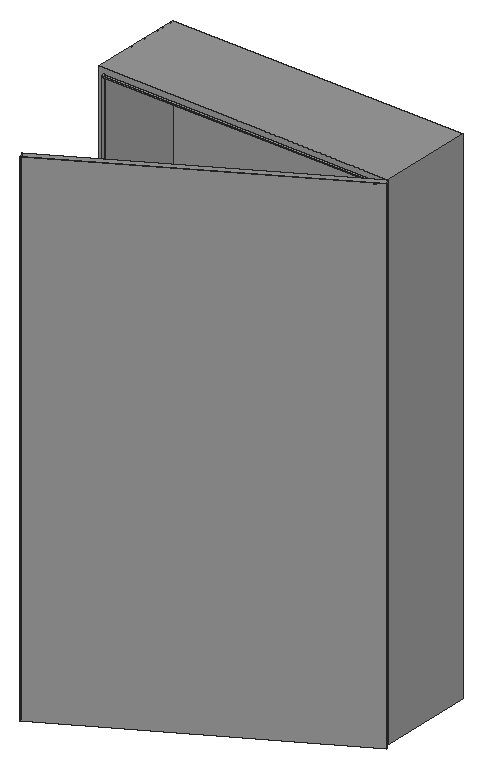
Revit family "Hager-Univers-IP55-D275-H1400-Cl.I-Steel_encl-NoHosted-PT-pt", category Electrical Equipment, Revit 2020
Family settings
  Panel Configuration = Two Columns, Circuits Across
  Round Connector Dimension = Use Diameter
  Part Type = Panelboard
  Work Plane-Based = Yes
  Always vertical = Yes
  Cut with Voids When Loaded = No
  Shared = No
  Room Calculation Point = No
Parameters (values of type "Montagem em superfície (gesso) IP55 L800 A1400 P275  - FR93E")
  Width Control [instance] = if([EF000008 - Largura] > Min Width, [EF000008 - Largura], Min Width)  # 800 mm
  Type Comments = [HG000003 - Gama]  # "Univers"
  Thickness Door [instance] = if([EF009171 - Espessura do material da porta/tampa] > 3 mm, 3 mm, [EF009171 - Espessura do material da porta/tampa])  # 1.5 mm
  Seal Frame Offset [instance] = 17 mm  # constant formula
  Plinth Visibility [instance] = [HG000027 - Altura da Plinta] > 0 mm  # no
  Min Width [instance] = 100 mm  # constant formula
  Min Depth [instance] = (2 * [EF009170 - Espessura do material do invólucro]) + 1 mm  # 4 mm
  Min Height [instance] = 100 mm  # constant formula
  Internal Frame Depth [instance] = (Door System Depth * 0.5)  # 9 mm
  Panel Name [instance] = ""  # (empty or 0)
  Model = ""
  HG000027 - Altura da Plinta = 0 mm
  HG000026 - Instalação no chão = no
  HG000024 - Altura da secção inferior = 600 mm
  HG000023 - Recinto de secção dupla = no
  HG000016 - Visibilidade da porta 3D [instance] = yes
  HG000015 - Visibilidade através da porta [instance] = no
  HG000014 - Porta à direita [instance] = yes
  HG000013 - Porta à esquerda [instance] = not([HG000014 - Porta à direita])  # no
  HG000012 - Ângulo de abertura de porta [instance] = 30.00°
  HG000010 - Portas assimétricas = no
  HG000009 - Porta dupla = no
  HG000006 - Encastrado = no
  HG000004 - Referência do Fabricante = "FR93E"
  HG000003 - Gama = "Univers"
  HG000002 - Com porta ou tampa = yes
  Frame Offset Bottom [instance] = 10 mm  # constant formula
  Frame Offset [instance] = 15 mm  # constant formula
  EF015940 - Tampa com libertação de sobrepressão = no
  EF011959 - Grau de proteção (NEMA) = ""
  EF009554 - Número de aberturas para placas de flange = 6
  EF009212 - Tipo de tampa = "EV000116 - Fechado"
  EF009171 - Espessura do material da porta/tampa = 1.5 mm
  EF009170 - Espessura do material do invólucro = 1.5 mm
  EF008873 - Corrente nominal (In) = 800 A
  EF007800 - Adequado para proteção contra raios = no
  EF006306 - Com fecho = no
  EF006244 - Tampa/porta transparente = no
  EF005474 - Grau de proteção (IP) = "EV006420 - IP55"
  EF004464 - Tipo de porta = "EV002646 - Único"
  EF004427 - Número de módulos = 324
  EF004293 - Força de impacto = "EV008784 - IK10"
  EF003532 - Adequado para uso no exterior = no
  EF002950 - Largura em número de módulos = 24
  EF001613 - Integridade do circuito = "EV000494 - Nenhum"
  EF001596 - Material do corpo = "EV000179 - Aço"
  EF001131 - Profundidade interior = 275 mm
  EF001088 - Extensão possível = yes
  EF000437 - Número de entradas de condutores = 6
  EF000339 - Tipo de difusor = "EV004216 - Porta"
  EF000266 - Número de linhas = 9
  EF000218 - Profundidade incorporada = 0 mm
  EF000118 - Com tampa de montagem = no
  EF000116 - Número RAL = "7035"
  EF000049 - Profundidade = 275 mm
  EF000040 - Altura = 1400 mm
  EF000008 - Largura = 800 mm
  EF000007 - Cor = "EV000270 - Cinzento"
  EF000003 - Método de montagem = "EV000384 - Montagem em superfície (gesso)"
  Door System Leaf Tolerance [instance] = 1.5 mm  # constant formula
  Door System Depth [instance] = 18 mm  # constant formula
  Door Height [instance] = Height Control - [HG000027 - Altura da Plinta]  # 1400 mm
  Description = ""
  Default Elevation = 1219.2 mm
  Connector Offset [instance] = Height Control / 2  # 700 mm
  Manufacturer = "Hager"  # constant formula
  Height Control [instance] = if([EF000040 - Altura] > Min Height, [EF000040 - Altura], Min Height)  # 1400 mm
  Depth Control [instance] = if([EF000049 - Profundidade] > Min Depth, [EF000049 - Profundidade], Min Depth)  # 275 mm
  Bottom Top Plate Trim [instance] = 1.5 mm  # constant formula
  Plinth height Ctrl [instance] = if([HG000027 - Altura da Plinta] > 0 mm, [HG000027 - Altura da Plinta], 12 mm)  # 12 mm
Types (3, lengths in mm): name | Width Control | HG000009 - Porta dupla | HG000004 - Referência do Fabricante | EF009554 - Número de aberturas para placas de flange | EF004464 - Tipo de porta | EF004427 - Número de módulos | EF000437 - Número de entradas de condutores | EF000008 - Largura
  Montagem em superfície (gesso) IP55 L1050 A1400 P275  - FR94E | 1050 | yes | "FR94E" | 8 | "EV003602 - Duplo" | 432 | 8 | 1050
  Montagem em superfície (gesso) IP55 L550 A1400 P275  - FR92E | 550 | no | "FR92E" | 4 | "EV002646 - Único" | 216 | 4 | 550
  Montagem em superfície (gesso) IP55 L800 A1400 P275  - FR93E | 800 | no | "FR93E" | 6 | "EV002646 - Único" | 324 | 6 | 800
Reference planes
  plane 1 "Center (Front/Back)": y = 0
  plane 2: z = 0
  plane 3 "Center (Left/Right)": x = 0
  plane 4: y = 0
  plane 5: y = 0
  plane 6: z = 0
  plane 7: x = -400
  plane 8: x = 400
  plane 9: x = 398.5
  plane 10: x = -398.5
  plane 11: z = 0
  plane 12: z = 1.5
  plane 13: y = -275
  plane 14: y = -1.5
  plane 15: x = 0
  plane 16: y = -257
  plane 17: y = -273.5
  plane 18: y = -255.5
  plane 19: x = -383.5
  plane 20: x = 383.5
  plane 21: z = 11.5
  plane 22: x = -383
  plane 23: x = 383
  plane 24: z = 0
  plane 25: z = 1400
  plane 26: z = 1400
  plane 27: z = 1383.5
  plane 28: z = 1398.5
Forms (mm)
  Extrusion 1, solid, material "Hager_Steel_RAL7035_Light_Grey", detail levels medium+fine
    sketch origin (-208.679, -4572, 0) x (-1, 0, 0) y (0, -1, 0)
      loop
        line (191.321, -4315) -> (-608.679, -4315) -> (-608.679, -4572) -> (191.321, -4572) -> (191.321, -4315)
    from 0 to 1400
  Extrusion 2, void
    sketch origin (-350.771, -275, 1219.2) x (1, 0, 0) y (0, 0, 1)
      loop
        line (-47.729, 179.3) -> (-47.729, -1217.7) -> (749.271, -1217.7) -> (749.271, 179.3) -> (-47.729, 179.3)
    from -19.5 to -273.5
  Extrusion 3, void
    sketch origin (-290.084, -257, 1219.2) x (1, 0, 0) y (0, 0, 1)
      loop
        line (-93.416, -1207.7) -> (673.584, -1207.7) -> (673.584, 164.3) -> (-93.416, 164.3) -> (-93.416, -1207.7)
    from 0 to -1.5
  Extrusion 4, solid, material "Hager_Steel_RAL7035_Light_Grey", visible <- "Plinth Visibility", detail levels medium+fine
    sketch origin (0, 0, 0) x (1, 0, 0) y (0, 1, 0)
      loop
        line (-400, 0) -> (-400, -257) -> (400, -257) -> (400, 0) -> (-400, 0)
    from 0 to 12 <- "Plinth height Ctrl"
  Extrusion 5, solid, material "Hager_Steel_RAL7035_Light_Grey", detail levels coarse
    sketch origin (0, 0, 0) x (1, 0, 0) y (0, 1, 0)
      loop
        line (-400, 0) -> (-400, -275) -> (400, -275) -> (400, 0) -> (-400, 0)
    from 0 to 1400 <- "Height Control"
  Sweep 6, void
    path in 3D
      loop
        line (-400, -257, 12) -> (400, -257, 12) -> (400, 0, 12) -> (-400, 0, 12) -> (-400, -257, 12)
    profile origin (-400, -128.5, 12) x (1, 0, 0) y (0, 0, 1)
      loop
        line (0, 0) -> (0, -1.5) -> (1.5, -1.5)
        arc (1.5, -1.5) -> (1.061, -0.439) -> (0, 0) r 1.5
  Extrusion 7, solid, material "Hager_Steel_RAL7035_Light_Grey", detail levels fine
    sketch origin (-400, -257, 0) x (1, 0, 0) y (0, 0, 1)
      loop
        line (16.5, 11.5) -> (783.5, 11.5) -> (783.5, 1383.5) -> (16.5, 1383.5) -> (16.5, 11.5)
      loop
        line (15, 10) -> (785, 10) -> (785, 1385) -> (15, 1385) -> (15, 10)
    from 0 to 9 <- "Internal Frame Depth"
Cuts and joins
  Extrusion 2, Extrusion 3 cuts Extrusion 1
  Sweep 6 cuts Extrusion 4
Lines and regions (mm)
  Masking region 1
    outline origin (0, 0, 0) x (1, 0, 0) y (0, 1, 0)
      loop
        line (-400, 0) -> (-400, -275) -> (400, -275) -> (400, 0) -> (-400, 0)
  Masking region 2, detail levels coarse
    outline origin (-290.084, -257, 1219.2) x (-1, 0, 0) y (0, 0, 1)
      loop
        line (-690.084, -1219.2) -> (109.916, -1219.2) -> (109.916, 180.8) -> (-690.084, 180.8) -> (-690.084, -1219.2)
  Masking region 3, detail levels coarse
    outline origin (0, 0, 0) x (0, 1, 0) y (0, 0, 1)
      loop
        line (0, 0) -> (0, 1400) -> (-275, 1400) -> (-275, 0) -> (0, 0)
  Masking region 4, visible <- "Plinth Visibility", detail levels medium+fine
    outline origin (0, 0, 0) x (0, 1, 0) y (0, 0, 1)
      loop
        line (-1.5, 12) -> (-255.5, 12)
        arc (-255.5, 12) -> (-255.939, 10.939) -> (-257, 10.5) r 1.5
        line (-257, 10.5) -> (-257, 0) -> (0, 0) -> (0, 10.5)
        arc (0, 10.5) -> (-1.061, 10.939) -> (-1.5, 12) r 1.5
  Masking region 5, detail levels medium+fine
    outline origin (0, 0, 594.038) x (0, 1, 0) y (0, 0, 1)
      loop
        line (0, -594.038) -> (0, 805.962) -> (-257, 805.962) -> (-257, -594.038) -> (0, -594.038)
  Masking region 6, detail levels medium+fine
    outline origin (-359.7, -257, 1211.883) x (-1, 0, 0) y (0, 0, 1)
      loop
        line (-759.7, -1211.883) -> (40.3, -1211.883) -> (40.3, 188.117) -> (-759.7, 188.117) -> (-759.7, -1211.883)
  Masking region 7, visible <- "Plinth Visibility", detail levels medium+fine
    outline origin (-320.334, -257, 1041.368) x (-1, 0, 0) y (0, 0, 1)
      loop
        line (-720.334, -1041.368) -> (79.666, -1041.368) -> (79.666, -1030.868)
        arc (79.666, -1030.868) -> (78.606, -1030.429) -> (78.166, -1029.368) r 1.5
        line (78.166, -1029.368) -> (-718.834, -1029.368)
        arc (-718.834, -1029.368) -> (-719.273, -1030.429) -> (-720.334, -1030.868) r 1.5
        line (-720.334, -1030.868) -> (-720.334, -1041.368)
  sketch lines
    curve 1: line (-400, 0, 12) -> (-400, -257, 12)
    curve 2: line (-400, -257, 12) -> (400, -257, 12)
    curve 3: line (400, 0, 12) -> (-400, 0, 12)
    curve 4: line (400, -257, 12) -> (400, 0, 12)
Dimensions and locks
  locked: plane 1 "Center (Front/Back)" to plane 5
  "EF009170 - Espessura do material do invólucro": plane 7 to plane 10
  "EF009170 - Espessura do material do invólucro": plane 8 to plane 9
  equal spacing: plane 7, plane 3 "Center (Left/Right)", plane 8
  "Width Control": plane 7 to plane 8
  "Depth Control": plane 4 to plane 13
  "EF009170 - Espessura do material do invólucro": plane 4 to plane 14
  "Height Control": plane 25 to level
  "HG000027 - Altura da Plinta": plane 11 to level
  "EF009170 - Espessura do material do invólucro": plane 12 to plane 11
  "EF009170 - Espessura do material do invólucro": plane 17 to plane 13
  "EF009170 - Espessura do material do invólucro": plane 18 to plane 16
  "Frame Offset Bottom": plane 21 to plane 12
  "Frame Offset": plane 10 to plane 19
  "Frame Offset": plane 9 to plane 20
  "Door System Depth": plane 16 to plane 13
  "Seal Frame Offset": plane 7 to plane 22
  "Seal Frame Offset": plane 8 to plane 23
  "EF009170 - Espessura do material do invólucro": plane 26 to plane 28
  "Frame Offset": plane 28 to plane 27
  "Connector Offset": plane 2 to connector elem
  "Bottom Top Plate Trim": profile plane to Sweep 6 sketch curve
  "Bottom Top Plate Trim": Sweep 6 sketch curve to Sweep 6 sketch curve
  "Plinth height Ctrl": Masking region 4 sketch curve to level
  "Plinth height Ctrl": Masking region 7 sketch curve to level
  "Thickness Door": Extrusion 7 sketch curve to Extrusion 7 sketch curve  (x4)
  "Bottom Top Plate Trim": radius of Sweep 6 sketch curve
  "Bottom Top Plate Trim": radius of Masking region 4 sketch curve  (x2)
  "Bottom Top Plate Trim": radius of Masking region 7 sketch curve  (x2)
  aligned and locked: Extrusion 2 sketch curve to plane 12
  aligned and locked: Extrusion 2 sketch curve to plane 9
  aligned and locked: Extrusion 2 sketch curve to plane 10
  aligned and locked: Extrusion 2 to plane 14
  aligned and locked: Extrusion 1 sketch curve to plane 4
  aligned and locked: plane 8 to Extrusion 1 sketch curve
  aligned and locked: plane 7 to Extrusion 1 sketch curve
  aligned and locked: Extrusion 2 to plane 18
  aligned and locked: Extrusion 3 sketch curve to plane 19
  aligned and locked: plane 20 to Extrusion 3 sketch curve
  aligned and locked: Extrusion 3 to Extrusion 2
  aligned and locked: Extrusion 3 sketch curve to plane 21
  aligned and locked: plane 3 "Center (Left/Right)" to nested 1
  aligned and locked: Extrusion 1 sketch curve to plane 16
  aligned and locked: Extrusion 4 sketch curve to cut or joined group of Extrusion 1, Extrusion 2, Extrusion 3
  aligned and locked: Masking region 1 sketch curve to plane 7
  aligned and locked: Masking region 1 sketch curve to plane 5
  aligned and locked: Masking region 1 sketch curve to plane 8
  aligned and locked: Masking region 2 sketch curve to level
  aligned and locked: level to Masking region 3 sketch curve
  aligned and locked: plane 1 "Center (Front/Back)" to Masking region 3 sketch curve
  aligned and locked: plane 13 to Masking region 3 sketch curve
  aligned and locked: plane 5 to Masking region 4 sketch curve
  aligned and locked: Masking region 2 sketch curve to plane 8
  aligned and locked: Masking region 2 sketch curve to plane 7
  aligned and locked: plane 7 to nested 2
  aligned and locked: nested 2 to plane 5
  aligned and locked: plane 5 to Masking region 5 sketch curve
  aligned and locked: plane 26 to Masking region 5 sketch curve
  aligned and locked: Extrusion 5 sketch curve to plane 8
  aligned and locked: Extrusion 5 sketch curve to plane 7
  aligned and locked: Extrusion 5 sketch curve to plane 5
  aligned and locked: Extrusion 3 sketch curve to plane 27
  aligned and locked: Extrusion 2 sketch curve to plane 28
  aligned and locked: Masking region 2 to plane 25
  aligned and locked: Extrusion 4 to plane 16
  aligned and locked: profile plane to Sweep 6 sketch curve
  aligned and locked: Masking region 5 sketch curve to plane 24
  aligned and locked: level to Masking region 4 sketch curve
  aligned and locked: Masking region 1 to plane 13
  aligned and locked: nested 1 to plane 16
  aligned and locked: Masking region 3 to plane 25
  aligned and locked: plane 16 to Masking region 4 sketch curve
  aligned and locked: Masking region 5 sketch curve to plane 16
  aligned and locked: plane 24 to plane 11
  aligned and locked: plane 26 to plane 25
  aligned and locked: plane 26 to cut or joined group of Extrusion 1, Extrusion 2, Extrusion 3
  aligned and locked: nested 1 to plane 24
  aligned and locked: Extrusion 1 to Extrusion 3
  aligned and locked: Masking region 6 sketch curve to plane 8
  aligned and locked: Masking region 6 sketch curve to plane 24
  aligned and locked: Masking region 6 sketch curve to plane 7
  aligned and locked: Masking region 6 sketch curve to plane 26
  aligned and locked: Masking region 7 sketch curve to plane 7
  aligned and locked: level to Masking region 7 sketch curve
  aligned and locked: Masking region 7 sketch curve to plane 8
  aligned and locked: Extrusion 7 sketch curve to cut or joined group of Extrusion 1, Extrusion 2, Extrusion 3  (x4)
Automatic sketch dimensions
  plane 19 to Extrusion 3 sketch curve = 0 mm
  Extrusion 3 sketch curve to plane 20 = 0 mm
  Extrusion 3 sketch curve to plane 21 = 0 mm
  Extrusion 4 sketch curve to plane 7 = 0 mm
  Extrusion 4 sketch curve to plane 8 = 0 mm
  Extrusion 4 sketch curve to plane 16 = 0 mm
  Masking region 1 sketch curve to plane 13 = 0 mm
  Masking region 2 sketch curve to plane 25 = 0 mm
  Masking region 3 sketch curve to plane 25 = 0 mm
  Extrusion 5 sketch curve to plane 13 = 0 mm
  profile plane to Sweep 6 sketch curve = 0 mm
Nested families
  nested 1: "EC000058_Univers_Door" at (0, -257, 0), Double <- "HG000009 - Porta dupla", Transparent <- "EF006244 - Tampa/porta transparente", Angle <- "HG000012 - Ângulo de abertura de porta", Door_Right <- "HG000014 - Porta à direita", Assymetrical <- "HG000010 - Portas assimétricas", Door <- "HG000002 - Com porta ou tampa", Width_Ctrl <- "Width Control", 3d_Door <- "HG000016 - Visibilidade da porta 3D", Clearance <- "HG000015 - Visibilidade através da porta", Door_Left <- "HG000013 - Porta à esquerda", Width <- "Width Control", Door_Depth <- "Door System Depth", Leaf_Tolerance <- "Door System Leaf Tolerance", Height <- "Door Height", Lock_Visibility <- "EF006306 - Com fecho", Thickness <- "Thickness Door", type "EC000058_Univers_Door", detail levels medium+fine
    with min_wh 4 mm, Width_Ctrl 800 mm, Width 800 mm, Transparent no, Thickness 1.5 mm, Seal_Material Hager_Rubber, Lock_Visibility no, Lock_Material Hager_Plastic_RAL9005_Jet_Black, Leaf_Width 800 mm, Leaf_Tolerance_External_Sides 0 mm, Leaf_Tolerance 1.5 mm, Leaf_Offset 0 mm, Leaf_Height 1397 mm, Leaf_2_Width 800 mm, Leaf_2_Offset 400 mm, Leaf_1_Width 800 mm, Leaf_1_Offset 400 mm, Height_Ctrl 1400 mm, Height 1400 mm, Glass_Material Hager_Glass, Double_Clearance_Ctrl no, Double no, Door_Right_Ctrl yes, Door_Right yes, Door_Material Hager_Steel_RAL7035_Light_Grey, Door_Left_Ctrl no, Door_Left no, Door_Depth 18 mm, Door yes, Clearance_Material Hager_Clearance, Clearance_Depth 800 mm, Clearance_Ctrl no, Clearance no, Assymetrical no, Angle 30.00°, 3d_Door yes
  nested 2: "Hager_Enclosure_Symbol" at (-400, 0, 0), Height <- "Depth Control", Width <- "Width Control", type "Hager_Enclosure_Symbol"
    with Width_Ctrl 800 mm, Width 800 mm, Height_Ctrl 275 mm, Height 275 mm, A_Width_Int 18.047 mm, A_Width 216.562 mm, A_Height_Ctrl 240.625 mm, A_Height 240.625 mm
Connectors
  electrical at (0, 0, 700)
    settings: on plane 1 "Center (Front/Back)", index 1, voltage 0 V, apparent load 0 VA, apparent load phase1 0 VA, apparent load phase2 0 VA, apparent load phase3 0 VA, power factor 1, load classification "Other", number of poles 1, system type 30, power factor state 1, is connector primary yes, connector utility no, sub classification motor no, connector description ""
Definition of nested family "EC000058_Univers_Door"
  Parameters (values of type "EC000058_Univers_Door")
    min_wh [instance] = (2 * Thickness) + 1 mm  # 11 mm
    Width_Ctrl [instance] = 400 mm
    Width [instance] = 500 mm
    Transparent [instance] = yes
    Thickness [instance] = 5 mm
    Seal_Material [instance] = none
    Lock_Visibility [instance] = yes
    Lock_Material [instance] = none
    Leaf_Width [instance] = if((Width_Ctrl - 2 * Leaf_Tolerance_External_Sides) > 0 mm, (Width_Ctrl - 2 * Leaf_Tolerance_External_Sides), min_wh)  # 400 mm
    Leaf_Tolerance_External_Sides [instance] = 0 mm  # constant formula
    Leaf_Tolerance [instance] = 1.5 mm
    Leaf_Offset [instance] = 0 mm  # constant formula
    Leaf_Height [instance] = if((Height_Ctrl - 2 * Leaf_Tolerance) > 0 mm, (Height_Ctrl - 2 * Leaf_Tolerance), min_wh)  # 497 mm
    Leaf_2_Width [instance] = if(and(and(Double, Assymetrical), Door_Left), (Leaf_Width / 3) - (Leaf_Tolerance / 2), if(and(and(Double, Assymetrical), Door_Right), (Leaf_Width / 3) * 2 - (Leaf_Tolerance / 2), if(and(Double, not(Assymetrical)), (Leaf_Width / 2) - Leaf_Tolerance, Leaf_Width)))  # 400 mm
    Leaf_2_Offset [instance] = if(and(Double, Assymetrical), Leaf_2_Width / 2, if(and(Double, not(Assymetrical)), Leaf_Width / 4, Leaf_Width / 2))  # 200 mm
    Leaf_1_Width [instance] = if(and(and(Double, Assymetrical), Door_Right), (Leaf_Width / 3) - (Leaf_Tolerance / 2), if(and(and(Double, Assymetrical), Door_Left), (Width / 3) * 2 - (Leaf_Tolerance / 2), if(and(Double, not(Assymetrical)), (Leaf_Width / 2) - Leaf_Tolerance, Leaf_Width)))  # 400 mm
    Leaf_1_Offset [instance] = if(and(Double, Assymetrical), Leaf_1_Width / 2, if(and(Double, not(Assymetrical)), Leaf_Width / 4, Leaf_Width / 2))  # 200 mm
    Height_Ctrl [instance] = if(Height > min_wh, Height, min_wh)  # 500 mm
    Height [instance] = 500 mm
    Glass_Material [instance] = none
    Double_Clearance_Ctrl [instance] = and(Double, Clearance)  # no
    Double [instance] = no
    Door_Right_Ctrl [instance] = and(or(Door_Right, Double), Door)  # yes
    Door_Right [instance] = yes
    Door_Material [instance] = none
    Door_Left_Ctrl [instance] = and(or(Door_Left, Double), Door)  # no
    Door_Left [instance] = no
    Door_Depth [instance] = 30 mm
    Door [instance] = yes
    Default Elevation = 1219.2 mm
    Clearance_Material [instance] = none
    Clearance_Depth [instance] = if(Leaf_1_Width > Leaf_2_Width, Leaf_1_Width, Leaf_2_Width)  # 400 mm
    Clearance_Ctrl [instance] = and(not(Double), Clearance)  # yes
    Clearance [instance] = yes
    Assymetrical [instance] = yes
    Angle [instance] = 30.00°
    3d_Door [instance] = yes
  Reference planes
    plane 1 "Center (Front/Back)": y = 0
    plane 2 "Bottom": z = 0
    plane 3 "Center (Left/Right)": x = 0
    plane 4: z = 500
    plane 5: x = -200
    plane 6: x = 200
    plane 7: z = 500
    plane 8: x = -200
    plane 9: z = 0
    plane 10: x = 200
    plane 11: y = 0
    plane 12: z = 1.5
    plane 13: x = -600
    plane 14: y = -400
    plane 15: x = 600
    plane 16: x = 0
    plane 17: x = 0
    plane 18: x = -200
    plane 19: x = 200
    plane 20: z = 498.5
  Forms (mm)
    Extrusion 1, solid, material <- "Clearance_Material", visible <- "Double_Clearance_Ctrl"
      sketch origin (1200, 0, 0) x (1, 0, 0) y (0, 0, -1)
        loop
          line (-1800, -498.5) -> (-600, -498.5) -> (-600, 0) -> (-1800, 0) -> (-1800, -498.5)
      from 0 to -400
  Dimensions and locks
    equal spacing: plane 5, plane 3 "Center (Left/Right)", plane 6
    "Width_Ctrl": plane 5 to plane 6
    "Leaf_Offset": plane 5 to plane 8
    "Leaf_Offset": plane 6 to plane 10
    "Leaf_Offset": plane 9 to level
    "Leaf_Offset": plane 4 to plane 7
    "Height_Ctrl": plane 4 to level
    "Leaf_Tolerance": plane 12 to plane 9
    locked: plane 11 to plane 1 "Center (Front/Back)"
    "Leaf_1_Offset": plane 18 to plane 16
    "Leaf_2_Offset": plane 17 to plane 19
    "Leaf_1_Width": plane 13 to plane 8
    "Leaf_2_Width": plane 10 to plane 15
    "Clearance_Depth": plane 14 to plane 1 "Center (Front/Back)"
    "Leaf_Tolerance_External_Sides": plane 8 to plane 18
    "Leaf_Tolerance_External_Sides": plane 19 to plane 10
    "Leaf_Tolerance": plane 7 to plane 20
    aligned and locked: level to plane 2 "Bottom"
    aligned and locked: nested 1 to plane 16
    aligned and locked: nested 2 to plane 17
    aligned and locked: Extrusion 1 to plane 13
    aligned and locked: plane 15 to Extrusion 1
    aligned and locked: Extrusion 1 to plane 14
    aligned and locked: plane 12 to nested 1
    aligned and locked: nested 2 to plane 12
    aligned and locked: Extrusion 1 to plane 11
    aligned and locked: plane 20 to Extrusion 1
    aligned and locked: nested 2 to plane 11
    aligned and locked: nested 1 to plane 11
  Automatic sketch dimensions
    Extrusion 1 sketch curve to level = 0 mm
    plane 5 to Extrusion 1 sketch curve = 400 mm
    plane 6 to Extrusion 1 sketch curve = 400 mm
    Extrusion 1 sketch curve to plane 4 = 1.5 mm
  Nested families
    nested 1: "EC000058_Univers_Door_Leaf" at (0, 0, 1.5), Width <- "Leaf_1_Width", visible <- "Door_Left_Ctrl", Leaf_Height <- "Leaf_Height", Angle <- "Angle", 3d_Door <- "3d_Door", Transparent <- "Transparent", Clearance Material <- "Clearance_Material", Clearance <- "Clearance_Ctrl", Door_Material <- "Door_Material", Glass_Material <- "Glass_Material", Door_Depth <- "Door_Depth", Lock_Material <- "Lock_Material", Seal_Material <- "Seal_Material", Lock_Visibility <- "Lock_Visibility", Thickness <- "Thickness", type "EC000058_Univers_Door_Leaf"
      with Width 400 mm, Transparent_Glass_Offset 30 mm, Transparent_Ctrl yes, Transparent yes, Thickness 5 mm, Standard no, Seal_Material none, Seal_D2 8 mm, Seal_D1 1 mm, Offset_Internal_Frame 10 mm, Lock_Width 20 mm, Lock_Visibility_3d yes, Lock_Visibility yes, Lock_Thickness_3 3 mm, Lock_Thickness_2 1 mm, Lock_Thickness_1 3 mm, Lock_Radius_Offset_2 16 mm, Lock_Radius_Offset_1 15 mm, Lock_Radius_2 5 mm, Lock_Radius 6 mm, Lock_Offset 5 mm, Lock_Material none, Lock_Height 80 mm, Lock_Cover_Top_Offset_2d 17 mm, Lock_Cover_Height -65 mm, Leaf_Height 497 mm, Internal_Seal_Thickness 8 mm, Internal_Seal_Depth_2 4.5 mm, Internal_Frame_Depth 25 mm, Glass_Thickness -1 mm, Glass_Offset -2 mm, Glass_Material none, Door_Material none, Door_Depth 30 mm, Clearance Material none, Clearance yes, Angle_Ctrl 30.00°, Angle 30.00°, 3d_Door yes
    nested 2: "EC000058_Univers_Door_Leaf" at (0, 0, 1.5) x (-1, 0, 0) z (0, 0, 1), Width <- "Leaf_2_Width", visible <- "Door_Right_Ctrl", Leaf_Height <- "Leaf_Height", Angle <- "Angle", 3d_Door <- "3d_Door", Transparent <- "Transparent", Clearance Material <- "Clearance_Material", Clearance <- "Clearance_Ctrl", Door_Material <- "Door_Material", Glass_Material <- "Glass_Material", Door_Depth <- "Door_Depth", Lock_Material <- "Lock_Material", Seal_Material <- "Seal_Material", Lock_Visibility <- "Lock_Visibility", Thickness <- "Thickness", type "EC000058_Univers_Door_Leaf"
      with Width 400 mm, Transparent_Glass_Offset 30 mm, Transparent_Ctrl yes, Transparent yes, Thickness 5 mm, Standard no, Seal_Material none, Seal_D2 8 mm, Seal_D1 1 mm, Offset_Internal_Frame 10 mm, Lock_Width 20 mm, Lock_Visibility_3d yes, Lock_Visibility yes, Lock_Thickness_3 3 mm, Lock_Thickness_2 1 mm, Lock_Thickness_1 3 mm, Lock_Radius_Offset_2 16 mm, Lock_Radius_Offset_1 15 mm, Lock_Radius_2 5 mm, Lock_Radius 6 mm, Lock_Offset 5 mm, Lock_Material none, Lock_Height 80 mm, Lock_Cover_Top_Offset_2d 17 mm, Lock_Cover_Height -65 mm, Leaf_Height 497 mm, Internal_Seal_Thickness 8 mm, Internal_Seal_Depth_2 4.5 mm, Internal_Frame_Depth 25 mm, Glass_Thickness -1 mm, Glass_Offset -2 mm, Glass_Material none, Door_Material none, Door_Depth 30 mm, Clearance Material none, Clearance yes, Angle_Ctrl 30.00°, Angle 30.00°, 3d_Door yes
  Definition of nested family "EC000058_Univers_Door_Leaf"
    Parameters (values of type "EC000058_Univers_Door_Leaf")
      Width [instance] = 2000 mm
      Transparent_Glass_Offset [instance] = 30 mm
      Transparent_Ctrl [instance] = and(Transparent, [3d_Door])  # yes
      Transparent [instance] = yes
      Thickness [instance] = 5 mm
      Standard [instance] = and(not(Transparent), [3d_Door])  # no
      Seal_Material [instance] = none
      Seal_D2 [instance] = 8 mm  # constant formula
      Seal_D1 [instance] = 1 mm  # constant formula
      Offset_Internal_Frame [instance] = 10 mm  # constant formula
      Lock_Width [instance] = 20 mm  # constant formula
      Lock_Visibility_3d [instance] = and(Lock_Visibility, [3d_Door])  # yes
      Lock_Visibility [instance] = yes
      Lock_Thickness_3 [instance] = 3 mm  # constant formula
      Lock_Thickness_2 [instance] = 1 mm  # constant formula
      Lock_Thickness_1 [instance] = 3 mm  # constant formula
      Lock_Radius_Offset_2 [instance] = Lock_Radius_Offset_1 + 1 mm  # 16 mm
      Lock_Radius_Offset_1 [instance] = 15 mm  # constant formula
      Lock_Radius_2 [instance] = Lock_Radius - 1 mm  # 5 mm
      Lock_Radius [instance] = 6 mm  # constant formula
      Lock_Offset [instance] = 5 mm  # constant formula
      Lock_Material [instance] = none
      Lock_Height [instance] = 80 mm  # constant formula
      Lock_Cover_Top_Offset_2d [instance] = Lock_Radius_Offset_2 + 1 mm  # 17 mm
      Lock_Cover_Height [instance] = -(Lock_Height - Lock_Radius_Offset_1)  # -65 mm
      Leaf_Height [instance] = 2720.336 mm
      Internal_Seal_Thickness [instance] = 8 mm  # constant formula
      Internal_Seal_Depth_2 [instance] = 4.5 mm  # constant formula
      Internal_Frame_Depth [instance] = if(Door_Depth - Thickness > 5 mm, Door_Depth - Thickness, 5 mm)  # 25 mm
      Glass_Thickness [instance] = if(Thickness > 15 mm, Glass_Offset + 10 mm, -1 mm)  # -1 mm
      Glass_Offset [instance] = if(Thickness > 15 mm, -(Thickness + 10 mm) / 2, -2 mm)  # -2 mm
      Glass_Material [instance] = none
      Door_Material [instance] = none
      Door_Depth [instance] = 30 mm
      Default Elevation = 0 mm
      Clearance Material [instance] = none
      Clearance [instance] = yes
      Angle_Ctrl [instance] = if(Angle > 180.00°, 180.00°, Angle)  # 90.00°
      Angle [instance] = 90.00°
      3d_Door [instance] = yes
    Reference planes
      plane 1 "Center (Front/Back)": y = 0
      plane 2: z = 0
      plane 3 "Center (Left/Right)": x = 0
      plane 4: y = 2000
      plane 5: x = -1000
      plane 6: x = 1000
      plane 7: x = -3000
      plane 8: z = 2720.336
      plane 9: z = 30
      plane 10: z = 2690.336
      plane 11: x = 970
      plane 12: x = -970
      plane 13: y = -3
      plane 14: z = 107.833
      plane 15: y = -5
      plane 16: y = -223.314
      plane 17: x = -1000
      plane 18: z = 1360.168
      plane 19: y = 30
    Forms (mm)
      Extrusion 1, solid, material <- "Clearance Material", visible <- "Clearance"
        sketch origin (0, 0, 0) x (1, 0, 0) y (0, 0, 1)
          loop
            line (-3000, 2720.336) -> (-3000, 0) -> (1000, 0) -> (1000, 2720.336) -> (-3000, 2720.336)
        from 0 to -2000
      Extrusion 2, solid, material <- "Door_Material", visible <- "Standard", detail levels medium+fine
        sketch origin (-1000, 0, 0) x (0, 1, 0) y (-1, 0, 0)
          loop
            line (0, 30) -> (0, 25) -> (2000, 25) -> (2000, 30) -> (0, 30)
        from 0 to 2720.336 <- "Leaf_Height"
      Extrusion 3, solid, material <- "Door_Material", visible <- "Transparent_Ctrl", detail levels medium+fine
        sketch origin (-1000, 0, 0) x (0, 1, 0) y (-1, 0, 0)
          loop
            line (0, 25) -> (2000, 25) -> (2000, 30) -> (0, 30) -> (0, 25)
        from 0 to 2720.336 <- "Leaf_Height"
      Extrusion 4, void
        sketch origin (-1025, 2000, 0) x (0, 1, 0) y (0, 0, -1)
          loop
            line (-30, -2690.336) -> (-30, -30) -> (-1970, -30) -> (-1970, -2690.336) -> (-30, -2690.336)
        from 0 to 5 <- "Thickness"
      Sweep 5, solid, material <- "Seal_Material", visible <- "Transparent_Ctrl", detail levels fine
        path in 3D
          loop
            line (-1025, 30, 30) -> (-1025, 30, 2690.336) -> (-1025, 1970, 2690.336) -> (-1025, 1970, 30) -> (-1025, 30, 30)
        profile origin (-1025, 1000, 30) x (1, 0, 0) y (0, 0, 1)
          loop
            line (0, 0) -> (0, -8) -> (1, -8) -> (1, 0) -> (0, 0)
      Extrusion 6, solid, material <- "Glass_Material", visible <- "Transparent_Ctrl", detail levels medium+fine
        sketch origin (-1030, 0, 0) x (0, 1, 0) y (0, 0, -1)
          loop
            line (1970, -2690.336) -> (1970, -30) -> (30, -30) -> (30, -2690.336) -> (1970, -2690.336)
        from -2 <- "Glass_Offset" to -1 <- "Glass_Thickness"
      Extrusion 7, solid, material <- "Door_Material", visible <- "3d_Door", detail levels medium+fine
        sketch origin (-1025, 2000, 0) x (0, -1, 0) y (0, 0, -1)
          loop
            line (0, -2720.336) -> (2000, -2720.336) -> (2000, 0) -> (0, 0) -> (0, -2720.336)
          loop
            line (1995, -5) -> (5, -5) -> (5, -2715.336) -> (1995, -2715.336) -> (1995, -5)
        from 0 to 25 <- "Internal_Frame_Depth"
      Sweep 8, solid, material <- "Seal_Material", visible <- "Transparent_Ctrl", detail levels fine
        path in 3D
          loop
            line (-1025, 0, 0) -> (-1025, 2000, 0) -> (-1025, 2000, 2720.336) -> (-1025, 0, 2720.336) -> (-1025, 0, 0)
        profile origin (-1025, 0, 1360.168) x (1, 0, 0) y (0, 1, 0)
          loop
            line (0, 10) -> (2.975, 10)
            arc (2.975, 10) -> (4.053, 10.447) -> (4.5, 11.525) r 1.525
            line (4.5, 11.525) -> (4.5, 16.527)
            arc (4.5, 16.527) -> (4.069, 17.569) -> (3.027, 18) r 1.473
            line (3.027, 18) -> (0, 18) -> (0, 10)
      Extrusion 9, solid, material <- "Lock_Material", visible <- "Lock_Visibility_3d", detail levels fine
        sketch origin (-1030, 0, 0) x (0, 1, 0) y (0, 0, -1)
          loop
            arc (1993.5, -1400.168) -> (1994.561, -1399.729) -> (1995, -1398.668) r 1.5
            line (1995, -1398.668) -> (1995, -1320.168) -> (1975, -1320.168) -> (1975, -1398.668)
            arc (1975, -1398.668) -> (1975.439, -1399.729) -> (1976.5, -1400.168) r 1.5
            line (1976.5, -1400.168) -> (1993.5, -1400.168)
        from 3 <- "Lock_Thickness_1" to 0
      Blend 10, solid, material <- "Lock_Material", visible <- "Lock_Visibility_3d", detail levels fine
        base sketch origin (-1033, 0, 0) x (0, 1, 0) y (0, 0, -1)
          loop
            line (1975, -1320.168) -> (1975, -1398.668)
            arc (1975, -1398.668) -> (1975.439, -1399.729) -> (1976.5, -1400.168) r 1.5
            line (1976.5, -1400.168) -> (1993.5, -1400.168)
            arc (1993.5, -1400.168) -> (1994.561, -1399.729) -> (1995, -1398.668) r 1.5
            line (1995, -1398.668) -> (1995, -1320.168) -> (1975, -1320.168)
        top sketch origin (-1033, 0, 0) x (0, 1, 0) y (0, 0, -1)
          loop
            line (1976, -1320.168) -> (1976, -1398.668)
            arc (1976, -1398.668) -> (1976.146, -1399.022) -> (1976.5, -1399.168) r 0.5
            line (1976.5, -1399.168) -> (1993.5, -1399.168)
            arc (1993.5, -1399.168) -> (1993.854, -1399.022) -> (1994, -1398.668) r 0.5
            line (1994, -1398.668) -> (1994, -1320.168) -> (1976, -1320.168)
        from 0 to 1 <- "Lock_Thickness_2"
      Blend 11, solid, material <- "Lock_Material", visible <- "Lock_Visibility_3d", detail levels fine
        base sketch origin (-1034, 0, 0) x (0, 1, 0) y (0, 0, -1)
          loop
            line (1978, -1320.168) -> (1978, -1384.168)
            arc (1978, -1384.168) -> (1985, -1391.168) -> (1992, -1384.168) r 7
            line (1992, -1384.168) -> (1992, -1320.168) -> (1978, -1320.168)
        top sketch origin (-1034, 0, 0) x (0, 1, 0) y (0, 0, -1)
          loop
            line (1991, -1320.168) -> (1979, -1320.168) -> (1979, -1383.168)
            arc (1979, -1383.168) -> (1985, -1389.168) -> (1991, -1383.168) r 6
            line (1991, -1383.168) -> (1991, -1320.168)
        from 0 to 3 <- "Lock_Thickness_3"
      Extrusion 12, solid, material <- "Lock_Material", visible <- "Lock_Visibility_3d", detail levels fine
        sketch origin (-1030, 1975, 1320.168) x (1, 0, 0) y (0, -1, 0)
          loop
            line (-7, -19) -> (-7, -1) -> (0, -1) -> (0, 0) -> (-8, 0) -> (-8, -20) -> (0, -20) -> (0, -19) -> (-7, -19)
        from 0 to -65 <- "Lock_Cover_Height"
      Extrusion 13, void
        sketch origin (-1038, 1995, 1320.168) x (-1, 0, 0) y (0, 0, -1)
          loop
            line (-5, -65) -> (0, -65) -> (-5, -60) -> (-5, -65)
        from 0 to 20 <- "Lock_Width"
      Extrusion 14, void
        sketch origin (-1038, 1975, 1320.168) x (0, -1, 0) y (0, 0, -1)
          loop
            circle (-10, -15.995) r 6
          loop
            circle (-10, -15.995) r 5
        from 0 to 2
      Extrusion 15, solid, material <- "Lock_Material", visible <- "Lock_Visibility_3d", detail levels medium
        sketch origin (-1030, 0, 0) x (0, 1, 0) y (0, 0, -1)
          loop
            arc (1993.5, -1400.168) -> (1994.561, -1399.729) -> (1995, -1398.668) r 1.5
            line (1995, -1398.668) -> (1995, -1320.168) -> (1975, -1320.168) -> (1975, -1398.668)
            arc (1975, -1398.668) -> (1975.439, -1399.729) -> (1976.5, -1400.168) r 1.5
            line (1976.5, -1400.168) -> (1993.5, -1400.168)
        from 8 to 0
    Cuts and joins
      Extrusion 4 cuts Extrusion 3
      Extrusion 13, Extrusion 14 cuts Extrusion 9
      Extrusion 14 cuts Blend 11
      Extrusion 13, Extrusion 14 cuts Extrusion 12
      joined: Extrusion 9, Blend 10, Blend 11, Extrusion 12
      Extrusion 14 cuts Extrusion 15
    Lines and regions (mm)
      Masking region 1, visible <- "Lock_Visibility", detail levels fine
        outline origin (0, 0, 0) x (0, 1, 0) y (0, 0, 1)
          loop
            line (30, 1320.168) -> (33, 1320.168) -> (33, 1400.168) -> (30, 1400.168) -> (30, 1320.168)
      Masking region 2, visible <- "Lock_Visibility", detail levels fine
        outline origin (0, 3.143, 0) x (0, 1, 0) y (0, 0, 1)
          loop
            line (29.857, 1354.168) -> (30.857, 1354.168) -> (30.857, 1366.168) -> (29.857, 1366.168) -> (29.857, 1354.168)
      Masking region 3, detail levels medium+fine
        outline origin (0, 0, 0) x (0, 1, 0) y (0, 0, 1)
          loop
            line (0, 0) -> (30, 0) -> (30, 2720.336) -> (0, 2720.336) -> (0, 0)
      Masking region 4, detail levels medium+fine
        outline origin (0, 0, 0) x (1, 0, 0) y (0, 0, 1)
          loop
            line (-1000, 2720.336) -> (-1000, 0) -> (1000, 0) -> (1000, 2720.336) -> (-1000, 2720.336)
      Masking region 5, visible <- "Lock_Visibility", detail levels fine
        outline origin (-47.116, 0, 0) x (1, 0, 0) y (0, 0, 1)
          loop
            arc (1024.616, 1399.168) -> (1023.556, 1398.729) -> (1023.116, 1397.668) r 1.5
            line (1023.116, 1397.668) -> (1023.116, 1320.168) -> (1041.116, 1320.168) -> (1041.116, 1397.668)
            arc (1041.116, 1397.668) -> (1040.677, 1398.729) -> (1039.616, 1399.168) r 1.5
            line (1039.616, 1399.168) -> (1024.616, 1399.168)
      Masking region 6, visible <- "Lock_Visibility", detail levels medium+fine
        outline origin (-25, 0, 0) x (1, 0, 0) y (0, 0, 1)
          loop
            arc (1001.5, 1400.168) -> (1000.439, 1399.729) -> (1000, 1398.668) r 1.5
            line (1000, 1398.668) -> (1000, 1320.168) -> (1020, 1320.168) -> (1020, 1398.668)
            arc (1020, 1398.668) -> (1019.561, 1399.729) -> (1018.5, 1400.168) r 1.5
            line (1018.5, 1400.168) -> (1001.5, 1400.168)
      Masking region 7, visible <- "Lock_Visibility", detail levels fine
        outline origin (-73.735, 0, 0) x (1, 0, 0) y (0, 0, 1)
          loop
            line (1051.735, 1382.168) -> (1065.735, 1382.168) -> (1065.735, 1384.168)
            arc (1065.735, 1384.168) -> (1058.735, 1391.168) -> (1051.735, 1384.168) r 7
            line (1051.735, 1384.168) -> (1051.735, 1382.168)
      Masking region 8, visible <- "Lock_Visibility", detail levels fine
        outline origin (-73.735, 0, 0) x (1, 0, 0) y (0, 0, 1)
          loop
            line (1052.735, 1382.168) -> (1064.735, 1382.168) -> (1064.735, 1383.168)
            arc (1064.735, 1383.168) -> (1058.735, 1389.168) -> (1052.735, 1383.168) r 6
            line (1052.735, 1383.168) -> (1052.735, 1382.168)
      Masking region 9, visible <- "Lock_Visibility", detail levels fine
        outline origin (-25, 0, 0) x (1, 0, 0) y (0, 0, 1)
          loop
            line (1020, 1320.168) -> (1020, 1382.168) -> (1000, 1382.168) -> (1000, 1320.168) -> (1020, 1320.168)
      Masking region 10, detail levels medium+fine
        outline origin (0, 0, 0) x (1, 0, 0) y (0, 0, 1)
          loop
            circle (985, 1335.144) r 6
      Masking region 11, detail levels fine
        outline origin (0, 0, 0) x (1, 0, 0) y (0, 0, 1)
          loop
            circle (985, 1335.144) r 5
      Masking region 12, visible <- "Lock_Visibility", detail levels fine
        outline origin (0, 12.767, 0) x (0, 1, 0) y (0, 0, 1)
          loop
            line (20.233, 1320.168) -> (21.233, 1320.168) -> (21.233, 1399.168) -> (20.233, 1400.168) -> (20.233, 1320.168)
      Masking region 13, visible <- "Lock_Visibility", detail levels fine
        outline origin (0, 13.767, -10) x (0, 1, 0) y (0, 0, 1)
          loop
            line (20.233, 1330.168) -> (23.233, 1330.168) -> (23.233, 1399.168) -> (20.233, 1402.168) -> (20.233, 1330.168)
      Masking region 14, visible <- "Lock_Visibility", detail levels fine
        outline origin (0, 12.767, -10) x (0, 1, 0) y (0, 0, 1)
          loop
            line (20.233, 1330.168) -> (25.233, 1330.168) -> (25.233, 1399.305) -> (20.233, 1394.305) -> (20.233, 1330.168)
      Masking region 15, visible <- "Lock_Visibility", detail levels medium
        outline origin (0, 0, 0) x (0, 1, 0) y (0, 0, 1)
          loop
            line (30, 1320.168) -> (38, 1320.168) -> (38, 1400.168) -> (30, 1400.168) -> (30, 1320.168)
      Masking region 16, visible <- "Lock_Visibility", detail levels fine
        outline origin (-1000, 0, 0) x (0, 1, 0) y (-1, 0, 0)
          loop
            line (1975, 30) -> (1995, 30) -> (1995, 38) -> (1975, 38) -> (1975, 30)
          loop
            line (1979, 37) -> (1976, 37) -> (1976, 34) -> (1978, 34) -> (1979, 37)
          loop
            line (1994, 37) -> (1991, 37) -> (1992, 34) -> (1994, 34) -> (1994, 37)
      Masking region 17, visible <- "Lock_Visibility", detail levels medium
        outline origin (-1000, 0, 0) x (0, 1, 0) y (-1, 0, 0)
          loop
            line (1975, 30) -> (1995, 30) -> (1995, 38) -> (1975, 38) -> (1975, 30)
      symbolic lines
        curve 1: line (1000, 0, 0) -> (-3000, 0, 0)
        curve 2: arc (1000, 0, 0) -> (-1000, 2000, 0) -> (-3000, 0, 0) r 2000
        curve 4: line (-1030, 0, 0) -> (-1030, 2000, 0)
      reference lines
        curve 3: line (-1000, 0, 0) -> (-1000, 2000, 0)
      symbolic lines, detail levels medium+fine
        curve 5: line (-1030, 2000, 0) -> (-1025, 2000, 0)
        curve 7: line (-1025, 0, 0) -> (-1030, 0, 0)
        curve 8: line (-1025, 0, 0) -> (-1000, 0, 0)
        curve 9: line (-1000, 0, 0) -> (-1000, 2000, 0)
        curve 10: line (-1000, 2000, 0) -> (-1025, 2000, 0)
      symbolic lines, detail levels fine
        curve 6: line (-1025, 2000, 0) -> (-1025, 0, 0)
      sketch lines
        curve 11: line (-1025, 0, 2720.336) -> (-1025, 0, 0)
        curve 12: line (-1025, 2000, 0) -> (-1025, 0, 0)
        curve 13: line (-1025, 2000, 2720.336) -> (-1025, 2000, 0)
        curve 14: line (-1025, 0, 2720.336) -> (-1025, 2000, 2720.336)
        curve 15: line (-1025, 1970, 30) -> (-1025, 30, 30)
        curve 16: line (-1025, 30, 30) -> (-1025, 30, 2690.336)
        curve 17: line (-1025, 1970, 2690.336) -> (-1025, 1970, 30)
        curve 18: line (-1025, 30, 2690.336) -> (-1025, 1970, 2690.336)
      symbolic lines, visible <- "Transparent", detail levels medium+fine
        curve 19: line (-970, 0, 2690.336) -> (970, 0, 2690.336)
        curve 20: line (-970, 0, 30) -> (-970, 0, 2690.336)
        curve 21: line (970, 0, 30) -> (-970, 0, 30)
        curve 22: line (970, 0, 2690.336) -> (970, 0, 30)
    Dimensions and locks
      "Width": plane 1 "Center (Front/Back)" to plane 4
      equal spacing: plane 5, plane 3 "Center (Left/Right)", plane 6
      "Width": plane 5 to plane 6
      "Width": plane 7 to plane 5
      "Leaf_Height": plane 8 to level
      "Width": curve 5 to curve 3
      "Width": curve 3 to curve 3
      plane 8 to plane 10 = 30 mm
      plane 9 to level = 30 mm
      plane 12 to plane 5 = 30 mm
      plane 6 to plane 11 = 30 mm
      Extrusion 1 to Extrusion 4 sketch curve = 30 mm
      "Transparent_Glass_Offset": curve 3 to Extrusion 4 sketch curve
      "Transparent_Glass_Offset": Extrusion 4 sketch curve to cut or joined group of Extrusion 3, Extrusion 4  (x2)
      cut or joined group of Extrusion 3, Extrusion 4 to Extrusion 6 sketch curve = 30 mm
      "Transparent_Glass_Offset": cut or joined group of Extrusion 3, Extrusion 4 to Extrusion 4 sketch curve
      "Thickness": curve 6 to curve 4
      "Thickness": Extrusion 7 sketch curve to Extrusion 7 sketch curve  (x4)
      "Door_Depth": curve 4 to curve 3
      "Offset_Internal_Frame": profile plane to Sweep 8 sketch curve
      "Internal_Seal_Thickness": Sweep 8 sketch curve to Sweep 8 sketch curve
      "Internal_Seal_Depth_2": profile plane to Sweep 8 sketch curve
      "Seal_D1": profile plane to Sweep 5 sketch curve
      "Seal_D2": profile plane to Sweep 5 sketch curve
      "Thickness": Extrusion 2 sketch curve to Extrusion 2 sketch curve
      equal spacing: Extrusion 9 sketch curve, plane 18, Extrusion 9 sketch curve  (x2)
      equal spacing: Masking region 1 sketch curve, plane 18, Masking region 1 sketch curve
      "Lock_Height": Masking region 1 sketch curve to Masking region 1 sketch curve
      "Lock_Radius": Masking region 2 sketch curve to plane 18 to Masking region 2 sketch curve
      Masking region 2 sketch curve to Masking region 1 = 1 mm
      "Door_Depth": plane 19 to plane 1 "Center (Front/Back)"
      "Lock_Thickness_1": Masking region 1 sketch curve to plane 19
      "Lock_Width": Extrusion 9 sketch curve to Extrusion 9 sketch curve
      "Lock_Height": Extrusion 9 sketch curve to Extrusion 9 sketch curve
      "Lock_Offset": cut or joined group of Extrusion 3, Extrusion 4 to Extrusion 9 sketch curve
      equal spacing: plane 8, plane 18, level
      "Lock_Radius_Offset_1": Blend 11 sketch curve to Blend 10
      locked: Blend 10 to Blend 11 sketch curve at 2  (x2)
      locked: var sketch to Blend 11 sketch curve at 1  (x2)
      "Lock_Radius_Offset_2": Blend 11 sketch curve to Blend 10
      locked: Extrusion 12 sketch curve to Extrusion 12 sketch curve at 1  (x3)
      Masking region 6 sketch curve to Masking region 6 sketch curve = 80 mm
      "Lock_Height": Masking region 6 sketch curve to Masking region 6 sketch curve
      "Lock_Width": Masking region 6 sketch curve to Masking region 6 sketch curve
      locked: Masking region 6 to Masking region 5 sketch curve at 1  (x3)
      locked: Masking region 5 to Masking region 7 sketch curve at 2  (x2)
      "Lock_Radius_Offset_1": Masking region 5 to Masking region 7 sketch curve
      "Lock_Radius_Offset_2": Masking region 5 to Masking region 8 sketch curve
      locked: Masking region 7 to Masking region 8 sketch curve at 1  (x2)
      "Lock_Cover_Top_Offset_2d": Masking region 5 to Masking region 9 sketch curve
      equal spacing: Masking region 9, Masking region 10 sketch curve, Masking region 9
      equal spacing: Masking region 9, Masking region 11 sketch curve, Masking region 9
      Extrusion 15 sketch curve to Extrusion 15 sketch curve = 80 mm
      "Lock_Width": Extrusion 15 sketch curve to Extrusion 15 sketch curve
      "Lock_Height": Extrusion 15 sketch curve to Extrusion 15 sketch curve
      equal spacing: Extrusion 15 sketch curve, plane 18, Extrusion 15 sketch curve
      "Lock_Thickness_3": Masking region 13 sketch curve to Masking region 13 sketch curve
      "Lock_Height": Masking region 12 sketch curve to Masking region 12 sketch curve
      locked: Masking region 13 sketch curve to Masking region 1 at 8
      locked: Masking region 14 sketch curve to Masking region 13 at 1
      locked: Masking region 14 sketch curve to Masking region 1 at 10.863
      "Lock_Height": Masking region 15 sketch curve to Masking region 15 sketch curve
      "Lock_Offset": Extrusion 15 sketch curve to cut or joined group of Extrusion 3, Extrusion 4
      "Lock_Offset": plane 6 to Masking region 6 sketch curve
      radius of Sweep 8 sketch curve = 1.525 mm
      radius of Sweep 8 sketch curve = 1.473 mm
      radius of Extrusion 9 sketch curve = 1.5 mm  (x2)
      "Lock_Radius": radius of Extrusion 14 sketch curve
      "Lock_Radius_2": radius of Extrusion 14 sketch curve
      "Lock_Radius": radius of Masking region 10 sketch curve
      "Lock_Radius_2": radius of Masking region 11 sketch curve
      radius of Extrusion 15 sketch curve = 1.5 mm  (x2)
      "Angle_Ctrl": angle plane 1 "Center (Front/Back)" to curve 3
      locked: Masking region 12 sketch curve to Masking region 12 sketch curve (angle 45.00°)
      locked: Masking region 13 sketch curve to Masking region 13 sketch curve (angle 45.00°)
      locked: Masking region 14 sketch curve to Masking region 14 sketch curve (angle 45.00°)
      aligned and locked: level to plane 2
      aligned and locked: Extrusion 1 to curve 1
      aligned and locked: plane 6 to Extrusion 1
      aligned and locked: Extrusion 1 to plane 1 "Center (Front/Back)"
      aligned and locked: plane 4 to Extrusion 1
      aligned and locked: plane 8 to Extrusion 1
      aligned and locked: curve 7 to Extrusion 2 sketch curve
      aligned and locked: curve 5 to Extrusion 2 sketch curve
      aligned and locked: curve 7 to Extrusion 3 sketch curve
      aligned and locked: Extrusion 3 sketch curve to curve 4
      aligned and locked: Extrusion 3 sketch curve to curve 6
      aligned and locked: Extrusion 3 sketch curve to curve 5
      aligned and locked: curve 9 to curve 3
      aligned and locked: Extrusion 7 sketch curve to cut or joined group of Extrusion 3, Extrusion 4  (x4)
      aligned and locked: plane 17 to curve 3
      aligned and locked: plane 1 "Center (Front/Back)" to curve 3
      aligned and locked: plane 17 to plane 5
      aligned and locked: Sweep 8 sketch curve to profile plane
      aligned and locked: Sweep 5 sketch curve to profile plane  (x2)
      aligned and locked: Masking region 1 to Masking region 2 sketch curve
      aligned and locked: plane 19 to Masking region 1 sketch curve
      aligned and locked: plane 1 "Center (Front/Back)" to Masking region 3 sketch curve
      aligned and locked: plane 19 to Masking region 3 sketch curve
      aligned and locked: level to Masking region 3 sketch curve
      aligned and locked: Masking region 3 sketch curve to plane 8
      aligned and locked: plane 17 to Masking region 4 sketch curve
      aligned and locked: level to Masking region 4 sketch curve
      aligned and locked: Masking region 4 sketch curve to plane 8
      aligned and locked: plane 12 to curve 20
      aligned and locked: plane 10 to curve 19
      aligned and locked: plane 11 to curve 22
      aligned and locked: curve 21 to plane 9
      aligned and locked: Extrusion 2 sketch curve to cut or joined group of Extrusion 3, Extrusion 4
      aligned and locked: Blend 10 sketch curve to Extrusion 9  (x4)
      aligned and locked: Extrusion 9 to Blend 10 sketch curve
      aligned and locked: Blend 10 to Blend 11 sketch curve
      aligned and locked: Extrusion 12 sketch curve to Blend 11
      aligned and locked: Extrusion 12 sketch curve to Extrusion 9  (x4)
      aligned and locked: Masking region 5 sketch curve to Masking region 6
      aligned and locked: Masking region 9 sketch curve to Masking region 6  (x3)
      aligned and locked: Masking region 12 sketch curve to Masking region 1
      aligned and locked: Masking region 13 sketch curve to Masking region 1
      aligned and locked: Masking region 12 to Masking region 14
      aligned and locked: Masking region 14 sketch curve to Masking region 1
      aligned and locked: Masking region 15 sketch curve to Masking region 14
      aligned and locked: Masking region 13 sketch curve to Masking region 12
      aligned and locked: Masking region 16 sketch curve to cut or joined group of Extrusion 14, Extrusion 15  (x4)
      aligned and locked: Masking region 16 sketch curve to cut or joined group of Extrusion 9, Blend 10, Blend 11, Extrusion 12, Extrusion 13, Extrusion 14  (x6)
      aligned and locked: cut or joined group of Extrusion 9, Blend 10, Blend 11, Extrusion 12, Extrusion 13, Extrusion 14 to Masking region 16 sketch curve
      aligned and locked: Masking region 17 sketch curve to cut or joined group of Extrusion 14, Extrusion 15  (x3)
      aligned and locked: Masking region 17 sketch curve to cut or joined group of Extrusion 9, Blend 10, Blend 11, Extrusion 12, Extrusion 13, Extrusion 14
      aligned and locked: Masking region 9 to Masking region 8 sketch curve
      aligned and locked: Masking region 9 to Masking region 7 sketch curve
    Automatic sketch dimensions
      plane 1 "Center (Front/Back)" to curve 2 = 0 mm
      curve 2 to plane 5 = 0 mm
      Extrusion 1 sketch curve to level = 0 mm
      Extrusion 1 sketch curve to plane 7 = 0 mm
      Extrusion 1 sketch curve to plane 6 = 0 mm
      Extrusion 1 sketch curve to plane 8 = 0 mm
      Extrusion 3 to Extrusion 6 sketch curve = 30 mm  (x4)
      Masking region 4 sketch curve to plane 6 = 0 mm
      Blend 10 sketch curve to Extrusion 9 = 1.5 mm
      Blend 10 sketch curve to Extrusion 9 = 1 mm
      Extrusion 13 sketch curve to Extrusion 12 = 0 mm  (x2)
      Extrusion 12 to Extrusion 13 sketch curve = 3 mm
      Extrusion 13 sketch curve to Extrusion 12 = 5 mm
      Extrusion 14 sketch curve to Extrusion 14 sketch curve = 0 mm  (x2)
      Extrusion 14 sketch curve to Extrusion 12 = 10 mm
      Extrusion 14 sketch curve to Extrusion 12 = 15.995 mm
      Masking region 5 sketch curve to Masking region 5 sketch curve = 1.5 mm  (x2)
      Masking region 10 sketch curve to plane 18 = 25.024 mm
      Masking region 11 sketch curve to plane 18 = 25.024 mm
      plane 19 to Masking region 14 sketch curve = 3 mm
      Masking region 16 sketch curve to Masking region 16 sketch curve = 3 mm
      curve 4 to curve 3 = 0 mm
      Blend 10 to Blend 11 sketch curve = 0 mm
      Masking region 6 sketch curve to Masking region 6 sketch curve = 1.5 mm  (x2)
      Masking region 6 sketch curve to plane 18 = 40 mm
      plane 19 to Masking region 12 sketch curve = 3 mm
      Masking region 12 sketch curve to Masking region 12 sketch curve = 1 mm
      Masking region 15 sketch curve to plane 19 = 0 mm
      Masking region 15 sketch curve to plane 18 = 40 mm
      radius of Blend 10 sketch curve to Extrusion 9 = 1 mm
Definition of nested family "Hager_Enclosure_Symbol"
  Parameters (values of type "Hager_Enclosure_Symbol")
    Width_Ctrl [instance] = if(Width > 1 mm, Width, 1 mm)  # 102.27 mm
    Width [instance] = 102.27 mm
    Height_Ctrl [instance] = if(Height > 1 mm, Height, 1 mm)  # 66.5 mm
    A_Width_Int [instance] = if(A_Width / 12 > 2 mm, A_Width / 12, 2 mm)  # 4.364 mm
    A_Width [instance] = if(A_Height_Ctrl * 0.9 > 2 mm, A_Height_Ctrl * 0.9, 2 mm)  # 52.369 mm
    A_Height_Ctrl [instance] = if(A_Height > 2 mm, A_Height, 2 mm)  # 58.188 mm
    Height [instance] = 66.5 mm
    A_Height [instance] = Height - (Height / 8)  # 58.188 mm
  Reference planes
    plane 1 "Centre (avant/arrière)": y = 0
    plane 2: z = 0
    plane 3 "Centre (gauche/droite)": x = 0
    plane 4: x = 52.369
    plane 5: y = 33.042
    plane 6: y = 41.77
    plane 7: y = 66.5
    plane 8: x = 26.184
    plane 9: y = 37.406
    plane 10: x = 102.27
    plane 11: y = 66.5
    plane 12: y = 8.313
  Lines and regions (mm)
    Filled region 1, type "Solid_Black", in view "Niveau de réf."
      outline origin (0, 0, 0) x (1, 0, 0) y (0, 1, 0)
        loop
          line (52.369, 66.5) -> (33.188, 54.536) -> (45.365, 45.006) -> (52.369, 66.5)
    Filled region 2, type "Solid_Black", in view "Niveau de réf."
      outline origin (0, 0, 0) x (1, 0, 0) y (0, 1, 0)
        loop
          line (0, 0) -> (102.27, 0) -> (102.27, 66.5) -> (0, 0)
    detail lines, in view "Niveau de réf."
      curve 1: line (0, 8.313, 0) -> (26.184, 41.77, 0)
      curve 2: line (26.184, 41.77, 0) -> (26.184, 33.042, 0)
      curve 3: line (26.184, 33.042, 0) -> (52.369, 66.5, 0)
  Dimensions and locks
    "A_Width": plane 3 "Centre (gauche/droite)" to plane 4
    equal spacing: plane 3 "Centre (gauche/droite)", plane 8, plane 4
    equal spacing: plane 6, plane 9, plane 5
    equal spacing: curve 3, Filled region 1 sketch curve, Filled region 1 sketch curve
    "Height_Ctrl": plane 1 "Centre (avant/arrière)" to plane 11
    "A_Height_Ctrl": plane 11 to plane 12
    equal spacing: plane 11, plane 9, plane 12
    "A_Width_Int": plane 6 to plane 9
    "Width_Ctrl": plane 3 "Centre (gauche/droite)" to plane 10
    angle Filled region 1 sketch curve to curve 3 = 20.00°
    angle curve 3 to Filled region 1 sketch curve = 20.00°
    locked: curve 3 to Filled region 1 sketch curve (angle 90.00°)
    aligned and locked: plane 10 to Filled region 2
    aligned and locked: plane 11 to Filled region 2 sketch curve
    aligned and locked: plane 10 to Filled region 2 sketch curve
    aligned and locked: plane 3 "Centre (gauche/droite)" to curve 1
    aligned and locked: plane 12 to curve 1
    aligned and locked: plane 7 to plane 11
  Automatic sketch dimensions
    Filled region 1 sketch curve to plane 4 = 0 mm
    Filled region 1 sketch curve to plane 7 = 0 mm
    plane 1 "Centre (avant/arrière)" to Filled region 2 sketch curve = 0 mm
    Filled region 2 sketch curve to plane 3 "Centre (gauche/droite)" = 0 mm
    curve 2 to plane 6 = 0 mm
    curve 2 to plane 8 = 0 mm
    curve 3 to plane 4 = 0 mm
    curve 2 to plane 5 = 0 mm
    curve 3 to plane 7 = 0 mm
